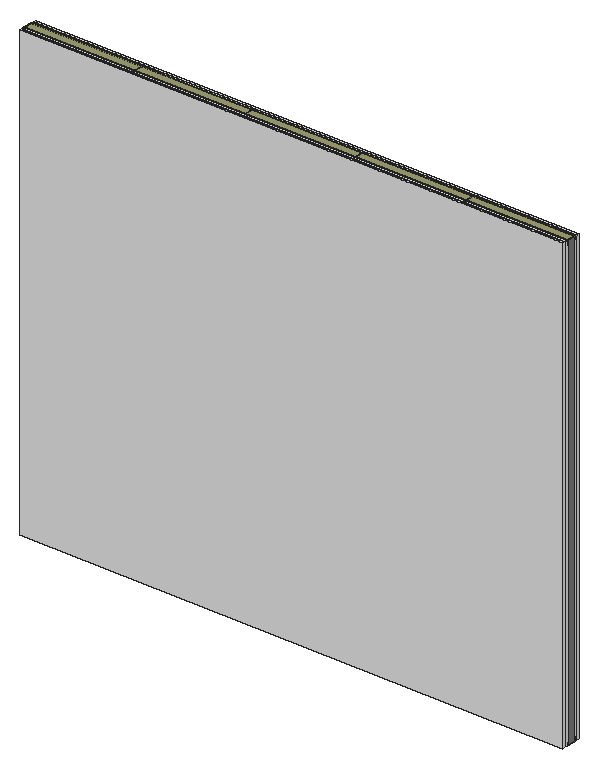
Revit family "Wall system Cementboard - Rigislab (STC 51_Uvalue 0.59)", category Structural Stiffeners, Revit 2020
Family settings
  OmniClass Number = 23.25.30.11.27
  OmniClass Title = Vibration and Earthquake Controls
  Cut with Voids When Loaded = No
  Shared = No
Parameters (values of type "STC 51(Cement board)")
  U-Value (W/m2k) = "0.59"
  U Value Report = ""
  Type of Insulation = "Glass Mineral Wool Semi-rigid slab"
  Total System Thickness-mm = 88 mm
  Thermal R Value = 1.4
  Thermal K Value = 0.348
  System Description = "1. Cementboard-12mm\r\n2. Ecowool Rigislab 50mm x 20kg/m3\r\n3. Stud 64mm \r\n4. Cementboard-12mm"
  Sustainability - Same documentation for all selection = ""
  SubW [instance] = roundup([built-in parameter 1001306] / 609 mm) * 609 mm  # 3045 mm
  SubL [instance] = if([built-in parameter 1001306] > 1218 mm, No Insulation * 609 mm, if([built-in parameter 1001306] > 609 mm, 609 mm, if([built-in parameter 1001306] > 0 mm, 0 mm, No Insulation * 609 mm))) + 1 mm  # 2437 mm
  STC in dB = 51
  STC Report = ""
  STC No = "51"
  Remarks = "Recommended for drywall partition applications where some acoustic performance\r\nare required. Such as office & commercial environment"
  No Metal Stud [instance] = ([built-in parameter 1001306] / [Metal Stud Spacer (mm)])  # 5
  No Insulation [instance] = roundup(SubW / 609 mm) - 1  # 4
  Metal Stud Width = 64 mm
  Metal Stud Spacer (mm) = 609 mm
  Material Specification = "Ecowool Brownie RigiSlab"
  Manufacturer = "PGF Insulation Sdn. Bhd."
  MSDS = ""
  built-in parameter 1001306 [instance] = 3000 mm
  Insulation Length (mm) = 609 mm
  Insulation Thickness (mm) = 50 mm
  Installation and Workmanship- Same for all the system = ""
  Height Wall (mm) = 2500 mm
  Handling and Storage- Same for all system = ""
  Gypsum Thickness (mm) = 12 mm
  Finish = BROWNIE RigiSlab
  FAQ- Same for all System = ""
  ECOWOOL Product thickness in mm = "50"
  Description = "Ecowool Rigislab is semi-rigid or rigid slabs of non-combustible, water repellent, glass mineral wool. They are designed to suit standard dry wall, ensuring a closed joint with adjacent slabs."
  Density = 20.00 kg/m³
  Board Material = Cement Board
  Board 2 = yes
  Board 1 = yes
  AutoCad Drawing = ""
Reference planes
  plane 1 "Center (Front/Back)": y = -12.5
  plane 2: z = 0
  plane 3 "Left": x = 0
  plane 4 "Right": x = 3000
  plane 5: z = 2500
  plane 6: x = 2437
  plane 7: x = 3046
Forms (mm)
  Extrusion 1, solid, material "BROWNIE RigiSlab" <- "Finish"
    sketch origin (0, 0, 0) x (1, 0, 0) y (0, 1, 0)
      loop
        line (2437, 12.5) -> (2437, -37.5) -> (3046, -37.5) -> (3046, 12.5) -> (2437, 12.5)
    from 0 to 2500
  Extrusion 2, void
    sketch origin (0, 0, 0) x (1, 0, 0) y (0, 1, 0)
      loop
        line (2999, 12.5) -> (2999, -37.5) -> (3046, -37.5) -> (3046, 12.5) -> (2999, 12.5)
    from -45.694 to 2779.923
Cuts and joins
  Extrusion 2 cuts Extrusion 1
Lines and regions (mm)
  reference lines
    curve 1: line (0, -12.5, 0) -> (3000, -12.5, 0)
Dimensions and locks
  "built-in parameter 1001306": plane 3 "Left" to plane 4 "Right"
  "Height Wall (mm)": plane 5 to level
  equal spacing: group 1, group 2, group 3, group 4, group 5  (x3)
  "Metal Stud Spacer (mm)": plane 3 "Left" to nested 3
  "SubL": plane 3 "Left" to plane 6
  locked: plane 6 to plane 7 at 609
  equal spacing: Extrusion 1 sketch curve, plane 1 "Center (Front/Back)", Extrusion 1 sketch curve
  "Insulation Thickness (mm)": Extrusion 1 sketch curve to Extrusion 1 sketch curve
  equal spacing: Extrusion 1, plane 1 "Center (Front/Back)", Extrusion 2 sketch curve
  "Insulation Thickness (mm)": Extrusion 2 sketch curve to Extrusion 2 sketch curve
  locked: Extrusion 2 sketch curve to plane 4 "Right" at 1
  plane 4 "Right" to plane 7 = 46 mm
  plane 6 to plane 4 "Right" = 563 mm
  equal spacing: group 6, group 7, group 8, group 9  (x3)
  equal spacing: Extrusion 2 sketch curve, Extrusion 2 sketch curve, nested 1
  aligned and locked: plane 4 "Right" to curve 1
  aligned and locked: plane 1 "Center (Front/Back)" to curve 1
  aligned and locked: plane 3 "Left" to curve 1
  aligned and locked: plane 3 "Left" to nested 1
  aligned and locked: plane 4 "Right" to nested 1
  aligned and locked: plane 5 to nested 2
  aligned and locked: plane 3 "Left" to nested 6
  aligned and locked: nested 8 to plane 4 "Right"
  aligned and locked: plane 1 "Center (Front/Back)" to nested 1
  aligned and locked: plane 1 "Center (Front/Back)" to nested 2
  aligned and locked: plane 1 "Center (Front/Back)" to nested 6
  aligned and locked: nested 8 to plane 1 "Center (Front/Back)"
  aligned and locked: nested 2 to nested 10
  aligned and locked: plane 1 "Center (Front/Back)" to nested 10
  aligned and locked: plane 7 to Extrusion 1 sketch curve
  aligned and locked: Extrusion 1 sketch curve to plane 6
  aligned and locked: plane 5 to Extrusion 1
  aligned and locked: Extrusion 1 to level
Automatic sketch dimensions
  Extrusion 2 sketch curve to plane 7 = 0 mm
Nested families
  nested 1: "Gypsum Plasterboard" at (0, -12.5, 0), type "Gypsum Plasterboard"
    with built-in parameter 1001306 3000 mm, Insulation Width 50 mm, Gypsum Thickness 12 mm
  nested 2: "Metal Stud" at (0, -12.5, 0), type "Metal Stud"
    with Metal Stud Width 64 mm
  nested 3: "Metal Stud" at (609, -12.5, 0), type "Metal Stud"
    with Metal Stud Width 64 mm
  nested 4: "Metal Stud" at (1218, -12.5, 0), type "Metal Stud"
    with Metal Stud Width 64 mm
  nested 5: "Metal Stud" at (1827, -12.5, 0), type "Metal Stud"
    with Metal Stud Width 64 mm
  nested 6: "Metal Runner" at (0, -12.5, 0), type "Metal Runner"
    with Metal Runner Width 50 mm, Length Metal Runner 3000 mm
  nested 7: "Metal Runner" at (0, -12.5, 2500) x (1, 0, 0) z (0, 0, -1), type "Metal Runner"
    with Metal Runner Width 50 mm, Length Metal Runner 3000 mm
  nested 8: "Metal Stud" at (3000, -12.5, 0) x (-1, 0, 0) z (0, 0, 1), type "Metal Stud"
    with Metal Stud Width 64 mm
  nested 9: "Metal Stud" at (2436, -12.5, 0), type "Metal Stud"
    with Metal Stud Width 64 mm
  nested 10: "Insulation Brownie" at (1, -12.5, 0), type "Insulation Brownie"
    with Thickness Insulation 50 mm
  nested 11: "Insulation Brownie" at (610, -12.5, 0), type "Insulation Brownie"
    with Thickness Insulation 50 mm
  nested 12: "Insulation Brownie" at (1219, -12.5, 0), type "Insulation Brownie"
    with Thickness Insulation 50 mm
  nested 13: "Insulation Brownie" at (1828, -12.5, 0), type "Insulation Brownie"
    with Thickness Insulation 50 mm
Definition of nested family "Gypsum Plasterboard"
  Parameters (values of type "Gypsum Plasterboard")
    Platerboard (inner Layer) = 16 mm
    Manufacturer = "Rockwool"
    built-in parameter 1001306 [instance] = 1200 mm
    Insulation Width = 55 mm
    Height Wall = 2500 mm
    Gypsum Thickness = 12.5 mm
    Description = "Double layers wall system - Rigislab 5020"
    Cement Board 2 = yes
    Cement Board 1 = yes
    Board Type = none
  Reference planes
    plane 1 "Center (Front/Back)": y = 0
    plane 2: z = 0
    plane 3 "Left": x = 0
    plane 4 "Right": x = 1200
    plane 5: y = 27.5
    plane 6: y = -27.5
    plane 7: z = 2500
  Forms (mm)
    Sweep 1, solid, material <- "Board Type", visible <- "Cement Board 1"
      path origin (0, 0, 0) x (1, 0, 0) y (0, -1, 0)
        loop
          line (0, 0) -> (1200, 0)
      profile origin (600, 0, 0) x (0, 1, 0) y (0, 0, 1)
        loop
          line (27.5, 2500) -> (27.5, 0) -> (43.5, 0) -> (43.5, 2500) -> (27.5, 2500)
    Sweep 2, solid, material <- "Board Type", visible <- "Cement Board 2"
      path origin (0, 16, 0) x (1, 0, 0) y (0, -1, 0)
        loop
          line (0, 0) -> (1200, 0)
      profile origin (600, 16, 0) x (0, 1, 0) y (0, 0, 1)
        loop
          line (27.5, 2500) -> (27.5, 0) -> (40, 0) -> (40, 2500) -> (27.5, 2500)
    Sweep 3, solid, material <- "Board Type", visible <- "Cement Board 1"
      path origin (0, 0, 0) x (1, 0, 0) y (0, 1, 0)
        loop
          line (0, 0) -> (1200, 0)
      profile origin (600, 0, 0) x (0, 1, 0) y (0, 0, 1)
        loop
          line (-27.5, 2500) -> (-43.5, 2500) -> (-43.5, 0) -> (-27.5, 0) -> (-27.5, 2500)
    Sweep 4, solid, material <- "Board Type", visible <- "Cement Board 2"
      path origin (0, -16, 0) x (1, 0, 0) y (0, 1, 0)
        loop
          line (0, 0) -> (1200, 0)
      profile origin (600, -16, 0) x (0, 1, 0) y (0, 0, 1)
        loop
          line (-27.5, 2500) -> (-40, 2500) -> (-40, 0) -> (-27.5, 0) -> (-27.5, 2500)
  Lines and regions (mm)
    reference lines
      curve 1: line (0, 0, 0) -> (1200, 0, 0)
  Dimensions and locks
    "built-in parameter 1001306": plane 3 "Left" to plane 4 "Right"
    "Insulation Width": plane 6 to plane 5
    "Height Wall": level to plane 7
    "built-in parameter 1001306": Sweep 1 sketch curve to Sweep 1 sketch curve
    "Platerboard (inner Layer)": Sweep 1 sketch curve to Sweep 1 sketch curve
    "built-in parameter 1001306": Sweep 2 sketch curve to Sweep 2 sketch curve
    "Gypsum Thickness": Sweep 2 sketch curve to Sweep 2 sketch curve
    equal spacing: plane 6, plane 1 "Center (Front/Back)", plane 5
    "built-in parameter 1001306": Sweep 3 sketch curve to Sweep 3 sketch curve
    "Platerboard (inner Layer)": Sweep 3 sketch curve to Sweep 3 sketch curve
    "built-in parameter 1001306": Sweep 4 sketch curve to Sweep 4 sketch curve
    "Gypsum Thickness": Sweep 4 sketch curve to Sweep 4 sketch curve
    aligned and locked: plane 4 "Right" to curve 1
    aligned and locked: plane 1 "Center (Front/Back)" to curve 1
    aligned and locked: plane 3 "Left" to curve 1
    aligned and locked: plane 5 to Sweep 1
    aligned and locked: Sweep 2 to Sweep 2
    aligned and locked: Sweep 1 sketch curve to plane 7
    aligned and locked: Sweep 2 sketch curve to plane 7
    aligned and locked: Sweep 2 to Sweep 1
    aligned and locked: Sweep 4 to Sweep 4
    aligned and locked: Sweep 3 to Sweep 4
  Automatic sketch dimensions
    plane 1 "Center (Front/Back)" to Sweep 1 sketch curve = 0 mm
    Sweep 1 sketch curve to plane 3 "Left" = 0 mm
    Sweep 1 sketch curve to level = 0 mm
    Sweep 1 sketch curve to profile plane = 27.5 mm
    Sweep 2 sketch curve to plane 3 "Left" = 0 mm
    Sweep 2 sketch curve to plane 5 = 11.5 mm
    Sweep 2 sketch curve to level = 0 mm
    Sweep 2 sketch curve to profile plane = 27.5 mm
    plane 1 "Center (Front/Back)" to Sweep 3 sketch curve = 0 mm
    Sweep 3 sketch curve to plane 3 "Left" = 0 mm
    Sweep 3 sketch curve to level = 0 mm
    profile plane to Sweep 3 sketch curve = 43.5 mm
    Sweep 3 sketch curve to Sweep 3 sketch curve = 2500 mm
    Sweep 4 sketch curve to plane 3 "Left" = 0 mm
    Sweep 4 sketch curve to plane 6 = 11.5 mm
    Sweep 4 sketch curve to level = 0 mm
    profile plane to Sweep 4 sketch curve = 40 mm
    level to Sweep 4 sketch curve = 2500 mm
Definition of nested family "Metal Stud"
  Parameters (values of type "Metal Stud")
    Metal Stud Width = 50 mm
    Height = 2500 mm
  Reference planes
    plane 1 "Center (Front/Back)": y = 0
    plane 2: z = 0
    plane 3 "Center (Left/Right)": x = 0
    plane 4 "Center L/S": y = 25
    plane 5 "Center L/T": y = -25
    plane 6: z = 1
    plane 7: z = 2500
    plane 8: z = 2499
  Forms (mm)
    Extrusion 1, solid
      sketch origin (0, 0, 0) x (1, 0, 0) y (0, 1, 0)
        loop
          line (0, 25) -> (0, -25) -> (20, -25) -> (20, -24) -> (1, -24) -> (1, 24) -> (20, 24) -> (20, 25) -> (0, 25)
      from 1 to 2499
  Dimensions and locks
    Extrusion 1 sketch curve to Extrusion 1 sketch curve = 1 mm  (x3)
    locked: plane 8 to plane 7 at 1
    plane 1 "Center (Front/Back)" to Extrusion 1 = 25 mm
    "Height": plane 7 to level
    "Metal Stud Width": plane 5 "Center L/T" to plane 4 "Center L/S"
    equal spacing: plane 5 "Center L/T", plane 1 "Center (Front/Back)", plane 4 "Center L/S"
    locked: plane 6 to plane 2 at 1
    aligned and locked: plane 4 "Center L/S" to Extrusion 1
    aligned and locked: plane 5 "Center L/T" to Extrusion 1
    aligned and locked: plane 3 "Center (Left/Right)" to Extrusion 1
    aligned and locked: Extrusion 1 to plane 6
    aligned and locked: plane 8 to Extrusion 1
  Automatic sketch dimensions
    Extrusion 1 sketch curve to plane 3 "Center (Left/Right)" = 0 mm
    plane 4 "Center L/S" to Extrusion 1 sketch curve = 0 mm
    plane 5 "Center L/T" to Extrusion 1 sketch curve = 0 mm
    Extrusion 1 sketch curve to Extrusion 1 sketch curve = 19 mm  (x2)
Definition of nested family "Metal Runner"
  Parameters (values of type "Metal Runner")
    Metal Runner Width = 48 mm
    Length Metal Runner = 2460 mm
    Default Elevation = 1219.2 mm
  Reference planes
    plane 1 "Center (Front/Back)": y = 0
    plane 2: z = 0
    plane 3 "Center (Left/Right)": x = 0
    plane 4 "Center L/S": y = 24
    plane 5 "Center L/T": y = -24
  Forms (mm)
    Extrusion 1, solid
      sketch origin (0, 0, 0) x (0, 1, 0) y (0, 0, 1)
        loop
          line (24, 0) -> (24, 20) -> (23, 20) -> (23, 1) -> (-23, 1) -> (-23, 20) -> (-24, 20) -> (-24, 0) -> (24, 0)
      from 0 to 2460
  Dimensions and locks
    "Metal Runner Width": plane 5 "Center L/T" to plane 4 "Center L/S"
    equal spacing: plane 5 "Center L/T", plane 1 "Center (Front/Back)", plane 4 "Center L/S"
    Extrusion 1 sketch curve to Extrusion 1 sketch curve = 1 mm  (x3)
    "Length Metal Runner": Extrusion 1 to Extrusion 1
    aligned and locked: plane 4 "Center L/S" to Extrusion 1 sketch curve
    aligned and locked: Extrusion 1 sketch curve to level
    aligned and locked: plane 5 "Center L/T" to Extrusion 1 sketch curve
  Automatic sketch dimensions
    Extrusion 1 sketch curve to Extrusion 1 sketch curve = 19 mm  (x2)
Definition of nested family "Insulation Brownie"
  Parameters (values of type "Insulation Brownie")
    Thickness Insulation = 75 mm
    Length of Insulation = 609 mm
    Height of Insulation = 2500 mm
    Finish = none
  Reference planes
    plane 1 "Center (Front/Back)": y = 0
    plane 2: z = 0
    plane 3 "Center (Left/Right)": x = 0
    plane 4: z = 2500
    plane 5: y = 37.5
    plane 6: y = -37.5
  Forms (mm)
    Sweep 1, solid, material <- "Finish"
      path origin (0, 0, 0) x (1, 0, 0) y (0, 1, 0)
        loop
          line (0, 0) -> (609, 0)
      profile origin (304.5, 0, 0) x (0, 1, 0) y (0, 0, 1)
        loop
          line (37.5, 2500) -> (-37.5, 2500) -> (-37.5, 0) -> (37.5, 0) -> (37.5, 2500)
  Dimensions and locks
    "Length of Insulation": Sweep 1 sketch curve to Sweep 1 sketch curve
    "Height of Insulation": plane 4 to level
    equal spacing: plane 5, plane 1 "Center (Front/Back)", plane 6
    "Thickness Insulation": plane 5 to plane 6
    aligned and locked: plane 3 "Center (Left/Right)" to Sweep 1 sketch curve
    aligned and locked: plane 5 to Sweep 1 sketch curve
    aligned and locked: Sweep 1 sketch curve to plane 6
  Automatic sketch dimensions
    plane 1 "Center (Front/Back)" to Sweep 1 sketch curve = 0 mm
    Sweep 1 sketch curve to level = 0 mm
    Sweep 1 sketch curve to plane 4 = 0 mm
